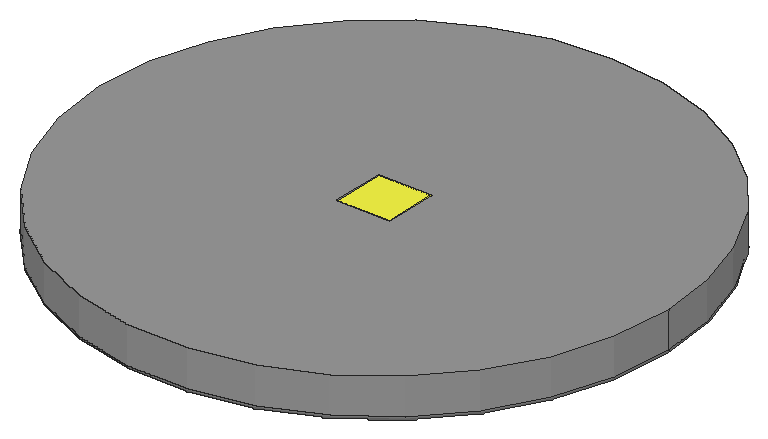
Revit family "TMC.2_63_UN_Emergency Lighting_Recessed_ETK", category Lighting Fixtures, Revit 2019
Family settings
  Round Connector Dimension = Use Diameter
  Part Type = Normal
  OmniClass Number = 23.80.70.11.14.11
  OmniClass Title = Downlights
  Work Plane-Based = No
  Always vertical = Yes
  Cut with Voids When Loaded = No
  Light Source = No
  Shared = No
  Room Calculation Point = Yes
Parameters (values of type "TMC.1100.15N - 2W / 360lm / 1hr autonomy")
  Wattage Comments = "2W"
  Voltage = 230 V
  URL = "https://www.etk.nl/producten/tmc-1/"
  Type Comments = "IP66 - IK10"
  Symbol_ToScale [instance] = yes
  Symbol_RealSize [instance] = not(Symbol_ToScale)  # no
  Switch Code [instance] = ""
  Model = "TMC.1"
  Manufacturer = "ETK licht B.V."
  Luminaire_Body_Material = PPS Plastic
  Luminaire Code [instance] = ""
  Lightsource_Constraint [instance] = 17.7 mm
  Light Source = TMC.2 - Lightsource : TMC.2100.15N - 2W / 360lm / 1hr autonomy
  Lamp = "LED"
  IfcExportType = "USERDEFINED"
  IfcExportAs = "IfcLightFixtureType"
  Description = "Surface Mounted"
  Copyright © IVLighting = "www.ivlibrary.com"
  Assembly Code = "63.0"
  Apparent Load = 2 VA
Types (3): name
  (no name)
  TMC.1100.15N - 2W / 360lm / 1hr autonomy
  TMC.1200.15N - 2W / 360lm / 1hr autonomy
Reference planes
  plane 1 "Center (Front/Back)": y = 0
  plane 2: z = 0
  plane 3 "Center (Left/Right)": x = 0
Forms (mm)
  Sweep 1, solid, material "PPS Plastic" <- "Luminaire_Body_Material", not visible
    path origin (0, 0, 0) x (1, 0, 0) y (0, 1, 0)
      loop
        line (-65.067, -65.005) -> (65.067, -65.005) -> (65.067, 65.005) -> (-65.067, 65.005) -> (-65.067, -65.005)
    profile origin (0, -65.005, 0) x (0, 1, 0) y (0, 0, 1)
      loop
        line (0, 0) -> (0, -25.397)
        arc (0, -25.397) -> (0.469, -26.531) -> (1.603, -27) r 1.603
        line (1.603, -27) -> (2.551, -27) -> (56.895, -17.418) -> (56.895, 0) -> (0, 0)
  Extrusion 2, solid, material "PPS Plastic" <- "Luminaire_Body_Material", not visible
    sketch origin (0, 0, 0) x (0, 1, 0) y (0, 0, 1)
      loop
        line (8.11, -15.747) -> (8.11, 0) -> (-8.11, 0) -> (-8.11, -15.747) -> (8.11, -15.747)
    from -8.172 to 8.172
  Extrusion 3, solid, material "PPS Plastic" <- "Luminaire_Body_Material", not visible
    sketch origin (0, 0, 0) x (1, 0, 0) y (0, 1, 0)
      loop
        line (-8.172, 8.218) -> (-8.172, -8.11) -> (8.172, -8.11) -> (8.172, 8.218) -> (-8.172, 8.218)
      loop
        line (-7.242, 5.268) -> (-6.166, 5.268)
        arc (-6.166, 5.268) -> (-5.961, 5.763) -> (-5.466, 5.968) r 0.7
        line (-5.466, 5.968) -> (-5.466, 7.044)
        arc (-5.466, 7.044) -> (-6.722, 6.524) -> (-7.242, 5.268) r 1.776
      loop
        line (-4.905, 7.044) -> (-4.905, 5.968) -> (4.515, 5.968) -> (4.515, 7.044) -> (-4.905, 7.044)
      loop
        arc (7.242, 5.268) -> (6.722, 6.524) -> (5.466, 7.044) r 1.776
        line (5.466, 7.044) -> (5.466, 5.968)
        arc (5.466, 5.968) -> (5.961, 5.763) -> (6.166, 5.268) r 0.7
        line (6.166, 5.268) -> (7.242, 5.268)
      loop
        line (-7.242, 2.999) -> (-7.242, 2.199) -> (-4.615, 2.199) -> (-3.282, 3.531) -> (4.191, 3.531) -> (5.2, 2.522) -> (7.242, 2.522) -> (7.242, 3.322) -> (5.49, 3.322) -> (4.481, 4.331) -> (-3.572, 4.331) -> (-4.905, 2.999) -> (-7.242, 2.999)
      loop
        line (-7.242, 1.31) -> (-7.242, -1.202) -> (-6.442, -1.202) -> (-6.442, 1.31) -> (-7.242, 1.31)
      loop
        line (7.242, 1.31) -> (6.442, 1.31) -> (6.442, -1.202) -> (7.242, -1.202) -> (7.242, 1.31)
      loop
        circle (0, 0.054) r 1.884
      loop
        arc (-7.242, -5.268) -> (-6.722, -6.524) -> (-5.466, -7.044) r 1.776
        line (-5.466, -7.044) -> (-5.466, -5.968)
        arc (-5.466, -5.968) -> (-5.961, -5.763) -> (-6.166, -5.268) r 0.7
        line (-6.166, -5.268) -> (-7.242, -5.268)
      loop
        line (-4.905, -7.044) -> (4.515, -7.044) -> (4.515, -5.968) -> (-4.905, -5.968) -> (-4.905, -7.044)
      loop
        line (7.242, -5.268) -> (6.166, -5.268)
        arc (6.166, -5.268) -> (5.961, -5.763) -> (5.466, -5.968) r 0.7
        line (5.466, -5.968) -> (5.466, -7.044)
        arc (5.466, -7.044) -> (6.722, -6.524) -> (7.242, -5.268) r 1.776
      loop
        line (-7.242, -2.999) -> (-4.905, -2.999) -> (-3.572, -4.331) -> (4.481, -4.331) -> (5.49, -3.322) -> (7.242, -3.322) -> (7.242, -2.522) -> (5.2, -2.522) -> (4.191, -3.531) -> (-3.282, -3.531) -> (-4.615, -2.199) -> (-7.242, -2.199) -> (-7.242, -2.999)
    from -17.418 to -15.747
  Extrusion 4, solid, material "LED", not visible
    sketch origin (0, 0, 0) x (1, 0, 0) y (0, 1, 0)
      loop
        circle (0, 0) r 1.883
    from -17.5 to -15.747
  Extrusion 5, solid, material "UHMW, Black"
    sketch origin (0, 0, 22.345) x (1, 0, 0) y (0, 1, 0)
      loop
        line (-8.172, 8.218) -> (-8.172, -8.212) -> (8.172, -8.212) -> (8.172, 8.218) -> (-8.172, 8.218)
      loop
        line (-7.242, 5.268) -> (-6.166, 5.268)
        arc (-6.166, 5.268) -> (-5.961, 5.763) -> (-5.466, 5.968) r 0.7
        line (-5.466, 5.968) -> (-5.466, 7.044)
        arc (-5.466, 7.044) -> (-6.722, 6.524) -> (-7.242, 5.268) r 1.776
      loop
        line (-4.905, 7.044) -> (-4.905, 5.968) -> (4.515, 5.968) -> (4.515, 7.044) -> (-4.905, 7.044)
      loop
        arc (7.242, 5.268) -> (6.722, 6.524) -> (5.466, 7.044) r 1.776
        line (5.466, 7.044) -> (5.466, 5.968)
        arc (5.466, 5.968) -> (5.961, 5.763) -> (6.166, 5.268) r 0.7
        line (6.166, 5.268) -> (7.242, 5.268)
      loop
        line (-7.242, 2.999) -> (-7.242, 2.199) -> (-4.615, 2.199) -> (-3.282, 3.531) -> (4.191, 3.531) -> (5.2, 2.522) -> (7.242, 2.522) -> (7.242, 3.322) -> (5.49, 3.322) -> (4.481, 4.331) -> (-3.572, 4.331) -> (-4.905, 2.999) -> (-7.242, 2.999)
      loop
        line (-7.242, 1.31) -> (-7.242, -1.202) -> (-6.442, -1.202) -> (-6.442, 1.31) -> (-7.242, 1.31)
      loop
        line (7.242, 1.31) -> (6.442, 1.31) -> (6.442, -1.202) -> (7.242, -1.202) -> (7.242, 1.31)
      loop
        circle (0, 0.054) r 1.884
      loop
        arc (-7.242, -5.268) -> (-6.722, -6.524) -> (-5.466, -7.044) r 1.776
        line (-5.466, -7.044) -> (-5.466, -5.968)
        arc (-5.466, -5.968) -> (-5.961, -5.763) -> (-6.166, -5.268) r 0.7
        line (-6.166, -5.268) -> (-7.242, -5.268)
      loop
        line (-4.905, -7.044) -> (4.515, -7.044) -> (4.515, -5.968) -> (-4.905, -5.968) -> (-4.905, -7.044)
      loop
        line (7.242, -5.268) -> (6.166, -5.268)
        arc (6.166, -5.268) -> (5.961, -5.763) -> (5.466, -5.968) r 0.7
        line (5.466, -5.968) -> (5.466, -7.044)
        arc (5.466, -7.044) -> (6.722, -6.524) -> (7.242, -5.268) r 1.776
      loop
        line (-7.242, -2.999) -> (-4.905, -2.999) -> (-3.572, -4.331) -> (4.481, -4.331) -> (5.49, -3.322) -> (7.242, -3.322) -> (7.242, -2.522) -> (5.2, -2.522) -> (4.191, -3.531) -> (-3.282, -3.531) -> (-4.615, -2.199) -> (-7.242, -2.199) -> (-7.242, -2.999)
    from -22.579 to -20.215
  Extrusion 6, solid, material "LED", not visible
    sketch origin (0, 0, 22.345) x (1, 0, 0) y (0, 1, 0)
      loop
        circle (0, 0) r 1.883
    from -22.958 to -20.215
  Sweep 7, solid, material "PPS Plastic" <- "Luminaire_Body_Material"
    path origin (0, 0, 0) x (1, 0, 0) y (0, 1, 0)
      loop
        circle (0, 0) r 90
    profile origin (0, 90, 0) x (0, -1, 0) y (0, 0, 1)
      loop
        line (0, 10.243) -> (0, -1.268)
        arc (0, -1.268) -> (0.439, -2.302) -> (1.488, -2.705) r 1.438
        line (1.488, -2.705) -> (32.022, -2.705) -> (32.022, 10.243) -> (0, 10.243)
  Extrusion 8, solid, material "LED"
    sketch origin (0, 0, 10.243) x (0, 1, 0) y (0, 0, 1)
      loop
        line (8.218, -8.113) -> (8.218, 0) -> (-8.218, 0) -> (-8.218, -8.113) -> (8.218, -8.113)
    from -8.172 to 8.172
  Sweep 9, solid, material "PPS Plastic" <- "Luminaire_Body_Material"
    path origin (0, 0, 0) x (1, 0, 0) y (0, 1, 0)
      loop
        line (-43.696, -43.611) -> (43.696, -43.611) -> (43.696, 43.611) -> (-43.696, 43.611) -> (-43.696, -43.611)
    profile origin (0, -43.611, 0) x (0, 1, 0) y (0, 0, 1)
      loop
        line (-14.601, 10.243) -> (-14.601, -2.705) -> (-12.675, -2.705) -> (35.399, -0.234) -> (35.399, 10.243) -> (-14.601, 10.243)
Cuts and joins
  joined: Sweep 7, Sweep 9
Lines and regions (mm)
  symbolic lines, visible <- "Symbol_RealSize"
    curve 1: circle (0, -0.047, 0) r 90 normal (0, 0, 1)
    curve 2: line (0, -0.047, 0) -> (-63.64, 63.593, 0)
    curve 3: line (0, -0.047, 0) -> (-63.64, -63.686, 0)
    curve 45: line (0, -0.047, 0) -> (63.64, 63.593, 0)
    curve 46: line (0, -0.047, 0) -> (63.64, -63.686, 0)
  model lines, visible <- "Symbol_RealSize"
    curve 4: line (0, -0.047, 0) -> (-90, -0.047, 0)
    curve 5: line (-3, 2.953, 0) -> (-89.95, 2.953, 0)
    curve 6: line (-6, 5.953, 0) -> (-89.8, 5.953, 0)
    curve 7: line (-9, 8.953, 0) -> (-89.549, 8.953, 0)
    curve 8: line (-12, 11.953, 0) -> (-89.196, 11.953, 0)
    curve 9: line (-15, 14.953, 0) -> (-88.741, 14.953, 0)
    curve 10: line (-18, 17.953, 0) -> (-88.182, 17.953, 0)
    curve 11: line (-21, 20.953, 0) -> (-87.516, 20.953, 0)
    curve 12: line (-24, 23.953, 0) -> (-86.741, 23.953, 0)
    curve 13: line (-27, 26.953, 0) -> (-85.855, 26.953, 0)
    curve 14: line (-30, 29.953, 0) -> (-84.853, 29.953, 0)
    curve 15: line (-33, 32.953, 0) -> (-83.732, 32.953, 0)
    curve 16: line (-36, 35.953, 0) -> (-82.486, 35.953, 0)
    curve 17: line (-39, 38.953, 0) -> (-81.111, 38.953, 0)
    curve 18: line (-42, 41.953, 0) -> (-79.599, 41.953, 0)
    curve 19: line (-45, 44.953, 0) -> (-77.942, 44.953, 0)
    curve 20: line (-48, 47.953, 0) -> (-76.131, 47.953, 0)
    curve 21: line (-51, 50.953, 0) -> (-74.155, 50.953, 0)
    curve 22: line (-54, 53.953, 0) -> (-72, 53.953, 0)
    curve 23: line (-57, 56.953, 0) -> (-69.649, 56.953, 0)
    curve 24: line (-60, 59.953, 0) -> (-67.082, 59.953, 0)
    curve 25: line (-3, -3.047, 0) -> (-89.95, -3.047, 0)
    curve 26: line (-6, -6.047, 0) -> (-89.8, -6.047, 0)
    curve 27: line (-9, -9.047, 0) -> (-89.549, -9.047, 0)
    curve 28: line (-12, -12.047, 0) -> (-89.196, -12.047, 0)
    curve 29: line (-15, -15.047, 0) -> (-88.741, -15.047, 0)
    curve 30: line (-18, -18.047, 0) -> (-88.182, -18.047, 0)
    curve 31: line (-21, -21.047, 0) -> (-87.516, -21.047, 0)
    curve 32: line (-24, -24.047, 0) -> (-86.741, -24.047, 0)
    curve 33: line (-27, -27.047, 0) -> (-85.855, -27.047, 0)
    curve 34: line (-30, -30.047, 0) -> (-84.853, -30.047, 0)
    curve 35: line (-33, -33.047, 0) -> (-83.732, -33.047, 0)
    curve 36: line (-36, -36.047, 0) -> (-82.486, -36.047, 0)
    curve 37: line (-39, -39.047, 0) -> (-81.111, -39.047, 0)
    curve 38: line (-42, -42.047, 0) -> (-79.599, -42.047, 0)
    curve 39: line (-45, -45.047, 0) -> (-77.942, -45.047, 0)
    curve 40: line (-48, -48.047, 0) -> (-76.131, -48.047, 0)
    curve 41: line (-51, -51.047, 0) -> (-74.155, -51.047, 0)
    curve 42: line (-54, -54.047, 0) -> (-72, -54.047, 0)
    curve 43: line (-57, -57.047, 0) -> (-69.649, -57.047, 0)
    curve 44: line (-60, -60.047, 0) -> (-67.082, -60.047, 0)
    curve 47: line (0, -0.047, 0) -> (90, -0.047, 0)
    curve 48: line (3, 2.953, 0) -> (89.95, 2.953, 0)
    curve 49: line (6, 5.953, 0) -> (89.8, 5.953, 0)
    curve 50: line (9, 8.953, 0) -> (89.549, 8.953, 0)
    curve 51: line (12, 11.953, 0) -> (89.196, 11.953, 0)
    curve 52: line (15, 14.953, 0) -> (88.741, 14.953, 0)
    curve 53: line (18, 17.953, 0) -> (88.182, 17.953, 0)
    curve 54: line (21, 20.953, 0) -> (87.516, 20.953, 0)
    curve 55: line (24, 23.953, 0) -> (86.741, 23.953, 0)
    curve 56: line (27, 26.953, 0) -> (85.855, 26.953, 0)
    curve 57: line (30, 29.953, 0) -> (84.853, 29.953, 0)
    curve 58: line (33, 32.953, 0) -> (83.732, 32.953, 0)
    curve 59: line (36, 35.953, 0) -> (82.486, 35.953, 0)
    curve 60: line (39, 38.953, 0) -> (81.111, 38.953, 0)
    curve 61: line (42, 41.953, 0) -> (79.599, 41.953, 0)
    curve 62: line (45, 44.953, 0) -> (77.942, 44.953, 0)
    curve 63: line (48, 47.953, 0) -> (76.131, 47.953, 0)
    curve 64: line (51, 50.953, 0) -> (74.155, 50.953, 0)
    curve 65: line (54, 53.953, 0) -> (72, 53.953, 0)
    curve 66: line (57, 56.953, 0) -> (69.649, 56.953, 0)
    curve 67: line (60, 59.953, 0) -> (67.082, 59.953, 0)
    curve 68: line (3, -3.047, 0) -> (89.95, -3.047, 0)
    curve 69: line (6, -6.047, 0) -> (89.8, -6.047, 0)
    curve 70: line (9, -9.047, 0) -> (89.549, -9.047, 0)
    curve 71: line (12, -12.047, 0) -> (89.196, -12.047, 0)
    curve 72: line (15, -15.047, 0) -> (88.741, -15.047, 0)
    curve 73: line (18, -18.047, 0) -> (88.182, -18.047, 0)
    curve 74: line (21, -21.047, 0) -> (87.516, -21.047, 0)
    curve 75: line (24, -24.047, 0) -> (86.741, -24.047, 0)
    curve 76: line (27, -27.047, 0) -> (85.855, -27.047, 0)
    curve 77: line (30, -30.047, 0) -> (84.853, -30.047, 0)
    curve 78: line (33, -33.047, 0) -> (83.732, -33.047, 0)
    curve 79: line (36, -36.047, 0) -> (82.486, -36.047, 0)
    curve 80: line (39, -39.047, 0) -> (81.111, -39.047, 0)
    curve 81: line (42, -42.047, 0) -> (79.599, -42.047, 0)
    curve 82: line (45, -45.047, 0) -> (77.942, -45.047, 0)
    curve 83: line (48, -48.047, 0) -> (76.131, -48.047, 0)
    curve 84: line (51, -51.047, 0) -> (74.155, -51.047, 0)
    curve 85: line (54, -54.047, 0) -> (72, -54.047, 0)
    curve 86: line (57, -57.047, 0) -> (69.649, -57.047, 0)
    curve 87: line (60, -60.047, 0) -> (67.082, -60.047, 0)
Dimensions and locks
  equal spacing: Sweep 9 sketch curve, plane 3 "Center (Left/Right)", Sweep 9 sketch curve
  equal spacing: Sweep 9 sketch curve, plane 1 "Center (Front/Back)", Sweep 9 sketch curve
  aligned and locked: level to plane 2
Nested families
  nested 1: "TMC.2 Light_Symbol_IVL" at (0, 0, 0), visible <- "Symbol_ToScale", type "Lighting Fixture Square Emergency"
  nested 2: "TMC.2 - Lightsource" at (0, -0.047, -0.938), type "TMC.2100.15N - 2W / 360lm / 1hr autonomy"
Connectors
  electrical at (0, 0, 0), driven by "Apparent Load"
    settings: index 1, voltage 0 V, apparent load 0 VA, apparent load phase1 2 VA, apparent load phase2 0 VA, apparent load phase3 0 VA, power factor 1, load classification "Other", number of poles 1, system type 31, power factor state 1, is connector primary yes, connector utility no, sub classification motor no, connector description ""
Definition of nested family "TMC.2 Light_Symbol_IVL"
  Reference planes
    plane 1: y = 0
    plane 2: x = 0
  Lines and regions (mm)
    Filled region 1, type "Filled region 1"
      outline origin (0, 0, 0) x (0.707107, 0.707107, 0) y (-0.707107, 0.707107, 0)
        loop
          line (0, 0) -> (0, 0.9)
          arc (0, 0.9) -> (-0.636, 0.636) -> (-0.9, 0) r 0.9
          line (-0.9, 0) -> (0, 0)
    Filled region 2, type "Filled region 1"
      outline origin (0, 0, 0) x (0.707107, 0.707107, 0) y (-0.707107, 0.707107, 0)
        loop
          line (0, 0) -> (0, -0.9)
          arc (0, -0.9) -> (0.636, -0.636) -> (0.9, 0) r 0.9
          line (0.9, 0) -> (0, 0)
    detail lines
      curve 1: circle (0, 0, 0) r 0.9 normal (0, 0, 1)
Definition of nested family "TMC.2 - Lightsource"
  Parameters (values of type "TMC.2100.15N - 2W / 360lm / 1hr autonomy")
    Wattage Comments = "2W"
    Wattage = 2.42356 W
    built-in parameter 1150110 = 1 (stored number, unit not read)
    URL = "https://www.etk.nl/producten/tmc-2/"
    built-in parameter 1114217 = 1 (stored number, unit not read)
    Tilt Angle = 90.00°
    built-in parameter 1150109 = 1 (stored number, unit not read)
    built-in parameter 1150134 = 12
    built-in parameter 1150113 = 1 (stored number, unit not read)
    Photometric Web File = "TMC.2100.15N.IES"
    Model = "TMC.2"
    Manufacturer = "ETK B.V."
    built-in parameter 1150105 = 28.648 (stored number, unit not read)
    Lumens = 360 lm
    built-in parameter 1150115 = 1 (stored number, unit not read)
    built-in parameter 1150137 = (empty or 0)
    built-in parameter 1150139 = (empty or 0)
    built-in parameter 1150112 = 1 (stored number, unit not read)
    built-in parameter 1150114 = 1 (stored number, unit not read)
    Lamp = "LED"
    built-in parameter 1150132 = 2
    built-in parameter 1150102 = (empty or 0)
    built-in parameter 1150107 = 4000 (stored number, unit not read)
    built-in parameter 1150138 = (empty or 0)
    built-in parameter 1150106 = 0.28648 (stored number, unit not read)
    built-in parameter 1150104 = 13.8 (stored number, unit not read)
    Dimming Lamp Color Temperature Shift = (empty or 0)
    Description = "Light sources"
    Copyright © IVLighting = "www.ivlighting.nl"
    Color Filter = 16777215
    built-in parameter 1114218 = 1 (stored number, unit not read)
    built-in parameter 1150133 = 10 (stored number, unit not read)
    Assembly Code = "63.0"
    Apparent Load = 2 VA
  Types (2, lengths in mm): name | Photometric Web File
    TMC.2200.15N - 2W / 360lm / 1hr autonomy | "TMC.2200.15N.IES"
    TMC.2100.15N - 2W / 360lm / 1hr autonomy | "TMC.2100.15N.IES"
  Reference planes
    plane 1 "Center (Front/Back)": y = 0
    plane 2: z = 0
    plane 3 "Center (Left/Right)": x = 0
  Lines and regions (mm)
    reference lines
      curve 1: line (-180, 0, 0) -> (180, 0, 0)
  Dimensions and locks
    aligned and locked: level to plane 2
